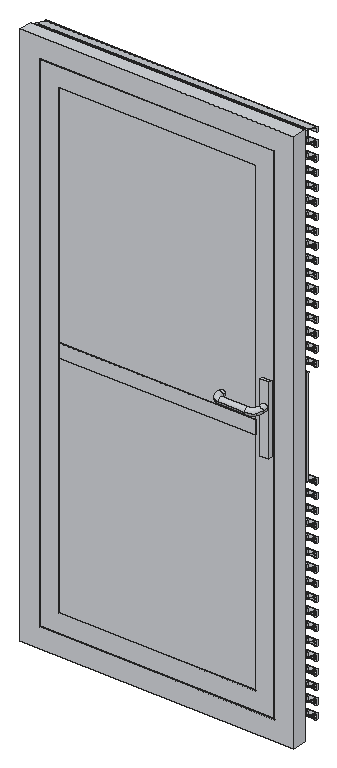
Revit family "NLRS_31_DO_WB_HF58-45 enkele deur-AV_jazo_jazo", category Doors, host Wall, Revit 2020 (continued)
Definition of nested family "NLRS_31_GM_UN_aluminium planken opbouwroosters-AV"
  Definition of nested family "NLRS_31_GM_UN_tussenplank 100-AV"
    Dimensions and locks
      equal spacing: plane 4 "Left", plane 3 "Center (Left/Right)", plane 5 "Right"
      "NLRS_C_breedte": plane 4 "Left" to plane 5 "Right"
      "NLRS_C_hoogte": plane 6 "Top" to plane 2 "Bottom"
      aligned and locked: level to plane 2 "Bottom"
      aligned and locked: plane 6 "Top" to Extrusion 1
      aligned and locked: Extrusion 1 to level
    Automatic sketch dimensions
      Extrusion 1 sketch curve to plane 4 "Left" = 0 mm  (x2)
      Extrusion 1 sketch curve to plane 5 "Right" = 0 mm
      Extrusion 1 sketch curve to plane 4 "Left" = 3.247 mm  (x2)
      Extrusion 1 sketch curve to plane 4 "Left" = 5.485 mm
      Extrusion 1 sketch curve to Extrusion 1 sketch curve = 4.753 mm
      Extrusion 1 sketch curve to Extrusion 1 sketch curve = 8.2 mm  (x2)
      Extrusion 1 sketch curve to Extrusion 1 sketch curve = 2 mm  (x6)
      plane 5 "Right" to Extrusion 1 sketch curve = 7.485 mm  (x2)
      plane 5 "Right" to Extrusion 1 sketch curve = 2.7 mm
      Extrusion 1 sketch curve to Extrusion 1 sketch curve = 0.62 mm  (x2)
      plane 1 "Center (Front/Back)" to Extrusion 1 sketch curve = 15.008 mm
      plane 1 "Center (Front/Back)" to Extrusion 1 sketch curve = 13.008 mm
      Extrusion 1 sketch curve to Extrusion 1 sketch curve = 0 mm  (x3)
      Extrusion 1 sketch curve to Extrusion 1 sketch curve = 2.5 mm  (x2)
      Extrusion 1 sketch curve to Extrusion 1 sketch curve = 2.25 mm
      Extrusion 1 sketch curve to Extrusion 1 sketch curve = 5.721 mm
      Extrusion 1 sketch curve to Extrusion 1 sketch curve = 3.565 mm
      Extrusion 1 sketch curve to plane 1 "Center (Front/Back)" = 7.192 mm
      Extrusion 1 sketch curve to plane 1 "Center (Front/Back)" = 7.287 mm
      Extrusion 1 sketch curve to plane 1 "Center (Front/Back)" = 10.492 mm
      Extrusion 1 sketch curve to Extrusion 1 sketch curve = 3.55 mm
      Extrusion 1 sketch curve to Extrusion 1 sketch curve = 1.75 mm
      Extrusion 1 sketch curve to Extrusion 1 sketch curve = 0.5 mm
  Definition of nested family "NLRS_31_GM_UN_tussenplank 100 horziontaal-AV"
    Parameters (values of type "tussenplank 100mm horzitontaal boven")
      URL = "www.jazo.com"
      NLRS_C_zichtbaar_02 = yes
      NLRS_C_zichtbaar_01 = no
      NLRS_C_materiaal = none
      NLRS_C_hoogte = 105 mm  # constant formula
      NLRS_C_breedte = 1153 mm
      Model = ""
      Manufacturer = "Jazo Zevenaar bv"
      Description = "Aluminium tussenplank 100mm horzitontaal boven"
      Default Elevation = 0 mm
      Assembly Code = "23.30.10.11"
    Types (2, lengths in mm): name | NLRS_C_zichtbaar_02 | NLRS_C_zichtbaar_01 | Description
      tussenplank 100mm horzitontaal boven | yes | no | "Aluminium tussenplank 100mm horzitontaal boven"
      tussenplank 100mm horzitontaal onder | no | yes | "Aluminium tussenplank 100mm horzitontaal onder"
    Reference planes
      plane 1 "Center (Front/Back)": y = 0
      plane 2 "Bottom": z = 0
      plane 3 "Center (Left/Right)": x = 0
      plane 4 "Left": x = -576.5
      plane 5 "Right": x = 576.5
      plane 6 "Top": z = 105
    Forms (mm)
      Extrusion 1, solid, material <- "NLRS_C_materiaal", visible <- "NLRS_C_zichtbaar_01"
        sketch origin (0, 0, 0) x (0, 1, 0) y (0, 0, 1)
          loop
            line (14.992, 99.515) -> (12.492, 99.515) -> (12.492, 102.92) -> (7.192, 105) -> (-7.192, 105) -> (-12.508, 102.92) -> (-12.508, 99.515) -> (-15.008, 99.515) -> (-15.008, 0) -> (-13.008, 0) -> (-13.008, 3.247) -> (-7.287, 5.485) -> (7.287, 5.485) -> (12.992, 3.247) -> (12.992, 0) -> (14.992, 0) -> (14.992, 99.515)
          loop
            line (-13.008, 8) -> (12.992, 8) -> (12.992, 16.2) -> (10.492, 16.2) -> (10.492, 18.2) -> (12.992, 18.2) -> (12.992, 97.515) -> (10.742, 97.515) -> (10.742, 102.3) -> (-10.758, 102.3) -> (-10.758, 97.515) -> (-13.008, 97.515) -> (-13.008, 18.2) -> (-10.508, 18.2) -> (-10.508, 16.2) -> (-13.008, 16.2) -> (-13.008, 8)
        from -576.5 to 576.5
      Extrusion 2, solid, material <- "NLRS_C_materiaal", visible <- "NLRS_C_zichtbaar_02"
        sketch origin (0, -0.008, 105) x (0, -1, 0) y (0, 0, -1)
          loop
            line (14.992, 99.515) -> (12.492, 99.515) -> (12.492, 102.92) -> (7.192, 105) -> (-7.192, 105) -> (-12.508, 102.92) -> (-12.508, 99.515) -> (-15.008, 99.515) -> (-15.008, 0) -> (-13.008, 0) -> (-13.008, 3.247) -> (-7.287, 5.485) -> (7.287, 5.485) -> (12.992, 3.247) -> (12.992, 0) -> (14.992, 0) -> (14.992, 99.515)
          loop
            line (-13.008, 8) -> (12.992, 8) -> (12.992, 16.2) -> (10.492, 16.2) -> (10.492, 18.2) -> (12.992, 18.2) -> (12.992, 97.515) -> (10.742, 97.515) -> (10.742, 102.3) -> (-10.758, 102.3) -> (-10.758, 97.515) -> (-13.008, 97.515) -> (-13.008, 18.2) -> (-10.508, 18.2) -> (-10.508, 16.2) -> (-13.008, 16.2) -> (-13.008, 8)
        from -576.5 to 576.5
    Dimensions and locks
      equal spacing: plane 4 "Left", plane 3 "Center (Left/Right)", plane 5 "Right"
      "NLRS_C_breedte": plane 4 "Left" to plane 5 "Right"
      "NLRS_C_hoogte": plane 6 "Top" to plane 2 "Bottom"
      aligned and locked: level to plane 2 "Bottom"
      aligned and locked: plane 4 "Left" to Extrusion 1
      aligned and locked: Extrusion 1 to plane 5 "Right"
      aligned and locked: plane 4 "Left" to Extrusion 2
      aligned and locked: Extrusion 2 to plane 5 "Right"
    Automatic sketch dimensions
      plane 1 "Center (Front/Back)" to Extrusion 1 sketch curve = 15.008 mm
      Extrusion 1 sketch curve to Extrusion 1 sketch curve = 2 mm  (x5)
      level to Extrusion 1 sketch curve = 18.2 mm
      Extrusion 1 sketch curve to Extrusion 1 sketch curve = 0 mm  (x5)
      Extrusion 1 sketch curve to Extrusion 1 sketch curve = 2.5 mm  (x2)
      Extrusion 1 sketch curve to Extrusion 1 sketch curve = 2.25 mm
      Extrusion 1 sketch curve to Extrusion 1 sketch curve = 5.721 mm
      Extrusion 1 sketch curve to Extrusion 1 sketch curve = 3.565 mm
      Extrusion 1 sketch curve to Extrusion 1 sketch curve = 14.385 mm
      Extrusion 1 sketch curve to Extrusion 1 sketch curve = 14.574 mm
      level to Extrusion 1 sketch curve = 16.2 mm  (x2)
      Extrusion 1 sketch curve to Extrusion 1 sketch curve = 3.205 mm
      Extrusion 1 sketch curve to Extrusion 1 sketch curve = 3.55 mm
      Extrusion 1 sketch curve to Extrusion 1 sketch curve = 1.75 mm
      Extrusion 1 sketch curve to Extrusion 1 sketch curve = 0.5 mm
      level to Extrusion 1 sketch curve = 3.247 mm  (x2)
      Extrusion 1 sketch curve to Extrusion 1 sketch curve = 3.247 mm  (x2)
      Extrusion 1 sketch curve to Extrusion 1 sketch curve = 2.239 mm
      Extrusion 1 sketch curve to Extrusion 1 sketch curve = 4.753 mm
      Extrusion 1 sketch curve to Extrusion 1 sketch curve = 79.315 mm
      Extrusion 1 sketch curve to Extrusion 1 sketch curve = 2.785 mm
      Extrusion 1 sketch curve to Extrusion 1 sketch curve = 0.62 mm  (x2)
      Extrusion 1 sketch curve to Extrusion 1 sketch curve = 2.7 mm
      Extrusion 2 sketch curve to plane 6 "Top" = 0 mm  (x2)
      Extrusion 2 sketch curve to level = 0 mm
      level to Extrusion 2 sketch curve = 5.485 mm
      Extrusion 2 sketch curve to plane 1 "Center (Front/Back)" = 15 mm
      Extrusion 2 sketch curve to Extrusion 2 sketch curve = 2 mm  (x6)
      Extrusion 2 sketch curve to Extrusion 2 sketch curve = 0 mm  (x4)
      level to Extrusion 2 sketch curve = 2.08 mm  (x2)
      Extrusion 2 sketch curve to Extrusion 2 sketch curve = 2.5 mm  (x2)
      Extrusion 2 sketch curve to Extrusion 2 sketch curve = 2.25 mm
      Extrusion 2 sketch curve to Extrusion 2 sketch curve = 5.721 mm
      Extrusion 2 sketch curve to Extrusion 2 sketch curve = 3.565 mm
      Extrusion 2 sketch curve to Extrusion 2 sketch curve = 14.385 mm
      Extrusion 2 sketch curve to plane 6 "Top" = 5.485 mm
      Extrusion 2 sketch curve to Extrusion 2 sketch curve = 14.574 mm
      Extrusion 2 sketch curve to Extrusion 2 sketch curve = 3.205 mm
      Extrusion 2 sketch curve to Extrusion 2 sketch curve = 3.55 mm
      Extrusion 2 sketch curve to Extrusion 2 sketch curve = 1.75 mm
      Extrusion 2 sketch curve to Extrusion 2 sketch curve = 0.5 mm
      Extrusion 2 sketch curve to plane 6 "Top" = 3.247 mm
      Extrusion 2 sketch curve to Extrusion 2 sketch curve = 3.247 mm
      Extrusion 2 sketch curve to Extrusion 2 sketch curve = 4.753 mm
      Extrusion 2 sketch curve to Extrusion 2 sketch curve = 8.2 mm  (x2)
      Extrusion 2 sketch curve to Extrusion 2 sketch curve = 5.406 mm
      Extrusion 2 sketch curve to Extrusion 2 sketch curve = 0.62 mm
  Definition of nested family "NLRS_31_GM_UN_tussenplank 200 horizontaal-AV"
    Parameters (values of type "tussenplank 200mm")
      URL = "www.jazo.com"
      NLRS_C_zichtbaar_01 [instance] = yes
      NLRS_C_materiaal = none
      NLRS_C_hoogte = 205 mm  # constant formula
      NLRS_C_breedte = 1027 mm
      Model = ""
      Manufacturer = "Jazo Zevenaar bv"
      Description = "Aluminium tussenplank 200mm"
      Default Elevation = 0 mm
      Assembly Code = "23.30.10.11"
    Reference planes
      plane 1 "Center (Front/Back)": y = 0
      plane 2 "Bottom": z = 0
      plane 3 "Center (Left/Right)": x = 0
      plane 4 "Top": z = 205
      plane 5 "Left": x = -513.5
      plane 6 "Right": x = 513.5
      plane 7 "Center (Elevation)": z = 102.5
    Forms (mm)
      Extrusion 1, solid, material <- "NLRS_C_materiaal"
        sketch origin (0, 0, 0) x (0, 1, 0) y (0, 0, 1)
          loop
            line (14.992, 101.796) -> (14.284, 102.504) -> (14.992, 103.212) -> (14.992, 199.515) -> (12.492, 199.515) -> (12.492, 202.92) -> (7.192, 205) -> (-7.192, 205) -> (-12.508, 202.92) -> (-12.508, 199.515) -> (-15.008, 199.515) -> (-15.008, 103.207) -> (-14.301, 102.5) -> (-15.008, 101.793) -> (-15.008, 0) -> (-13.008, 0) -> (-13.008, 3.21) -> (-7.192, 5.485) -> (7.192, 5.485) -> (12.992, 3.21) -> (12.992, 0) -> (14.992, 0) -> (14.992, 101.796)
          loop
            line (-13.008, 8) -> (12.992, 8) -> (12.992, 16.2) -> (10.492, 16.2) -> (10.492, 18.2) -> (12.992, 18.2) -> (12.992, 103.907) -> (-13.008, 103.907) -> (-13.008, 18.2) -> (-10.508, 18.2) -> (-10.508, 16.2) -> (-13.008, 16.2) -> (-13.008, 8)
          loop
            line (-13.008, 105.907) -> (12.992, 105.907) -> (12.992, 197.515) -> (10.742, 197.515) -> (10.742, 202.3) -> (-10.758, 202.3) -> (-10.758, 197.515) -> (-13.008, 197.515) -> (-13.008, 105.907)
        from -513.5 to 513.5
    Dimensions and locks
      equal spacing: plane 5 "Left", plane 3 "Center (Left/Right)", plane 6 "Right"
      "NLRS_C_breedte": plane 5 "Left" to plane 6 "Right"
      "NLRS_C_hoogte": plane 4 "Top" to plane 2 "Bottom"
      equal spacing: plane 4 "Top", plane 7 "Center (Elevation)", level
      aligned and locked: level to plane 2 "Bottom"
      aligned and locked: plane 5 "Left" to Extrusion 1
      aligned and locked: Extrusion 1 to plane 6 "Right"
    Automatic sketch dimensions
      plane 1 "Center (Front/Back)" to Extrusion 1 sketch curve = 15.008 mm
      Extrusion 1 sketch curve to Extrusion 1 sketch curve = 0 mm  (x5)
      Extrusion 1 sketch curve to Extrusion 1 sketch curve = 0.707 mm  (x2)
      Extrusion 1 sketch curve to Extrusion 1 sketch curve = 2 mm  (x8)
      Extrusion 1 sketch curve to Extrusion 1 sketch curve = 1.293 mm
      Extrusion 1 sketch curve to Extrusion 1 sketch curve = 2.5 mm  (x2)
      Extrusion 1 sketch curve to Extrusion 1 sketch curve = 1.75 mm  (x2)
      Extrusion 1 sketch curve to Extrusion 1 sketch curve = 3.565 mm
      Extrusion 1 sketch curve to Extrusion 1 sketch curve = 5.815 mm
      Extrusion 1 sketch curve to Extrusion 1 sketch curve = 14.385 mm  (x2)
      level to Extrusion 1 sketch curve = 18.2 mm  (x2)
      Extrusion 1 sketch curve to Extrusion 1 sketch curve = 3.3 mm
      Extrusion 1 sketch curve to Extrusion 1 sketch curve = 3.55 mm
      Extrusion 1 sketch curve to Extrusion 1 sketch curve = 5.8 mm
      Extrusion 1 sketch curve to Extrusion 1 sketch curve = 1.292 mm
      Extrusion 1 sketch curve to Extrusion 1 sketch curve = 0.708 mm  (x3)
      Extrusion 1 sketch curve to Extrusion 1 sketch curve = 8.2 mm
      Extrusion 1 sketch curve to Extrusion 1 sketch curve = 2.515 mm
      Extrusion 1 sketch curve to Extrusion 1 sketch curve = 4.79 mm  (x2)
      Extrusion 1 sketch curve to Extrusion 1 sketch curve = 3.21 mm  (x2)
      level to Extrusion 1 sketch curve = 101.793 mm
      Extrusion 1 sketch curve to Extrusion 1 sketch curve = 0.003 mm
      Extrusion 1 sketch curve to Extrusion 1 sketch curve = 1.407 mm
      Extrusion 1 sketch curve to Extrusion 1 sketch curve = 91.607 mm
      Extrusion 1 sketch curve to Extrusion 1 sketch curve = 2.785 mm
      Extrusion 1 sketch curve to Extrusion 1 sketch curve = 0.62 mm  (x2)
      Extrusion 1 sketch curve to Extrusion 1 sketch curve = 2.7 mm
Definition of nested family "NLRS_31_DI_UN_markering"
  Parameters (values of type "NLRS_C_31_DI_markering")
    URL = "www.jazo.com"
    NLRS_C_zichtbaar_01 = if(or(NLRS_C_brandwerend, NLRS_C_zelfsluitend), 1 < 2, 2 < 1)  # no
    NLRS_C_zelfsluitend = no
    NLRS_C_brandwerend = no
    Manufacturer = "JAZO Zevenaar bv"
    Description = "Markering detail"
  Reference planes
    plane 1 "Center (Front/Back)": y = 0
    plane 2: z = 0
    plane 3 "Center (Left/Right)": x = 0
    plane 4 "voorkant kozijn": y = 30
    plane 5 "achterkant kozijn": y = -30
    plane 6 "Right": x = 20
    plane 7 "Left": x = -20
    plane 8 "offset left": x = -25
    plane 9 "offset right": x = 25
    plane 10 "achterkant": y = -129.538
    plane 11 "voorkant": y = 129.538
  Lines and regions (mm)
    detail lines, in view "Ref. Level", visible <- "NLRS_C_zichtbaar_01"
      curve 1: line (0, -129.538, 0) -> (0, 129.538, 0)
    detail lines, in view "Ref. Level", visible <- "NLRS_C_brandwerend"
      curve 2: line (-20, -129.538, 0) -> (20, -101.53, 0)
      curve 3: line (20, -129.538, 0) -> (-20, -101.53, 0)
      curve 4: line (-20, -101.53, 0) -> (20, -73.522, 0)
      curve 5: line (20, -101.53, 0) -> (-20, -73.522, 0)
      curve 6: line (-20, 129.538, 0) -> (20, 101.53, 0)
      curve 7: line (20, 129.538, 0) -> (-20, 101.53, 0)
      curve 8: line (-20, 101.53, 0) -> (20, 73.522, 0)
      curve 9: line (20, 101.53, 0) -> (-20, 73.522, 0)
    detail lines, in view "Ref. Level", visible <- "NLRS_C_zelfsluitend"
      curve 10: line (-25, -70.021, 0) -> (25, -35.01, 0)
      curve 11: line (25, -35.01, 0) -> (-25, 0, 0)
      curve 12: line (-25, 0, 0) -> (25, 35.01, 0)
      curve 13: line (25, 35.01, 0) -> (-25, 70.021, 0)
  Dimensions and locks
    equal spacing: plane 5 "achterkant kozijn", plane 1 "Center (Front/Back)", plane 4 "voorkant kozijn"
    equal spacing: plane 7 "Left", plane 3 "Center (Left/Right)", plane 6 "Right"
    locked: plane 7 "Left" to plane 6 "Right" at 40
    locked: plane 8 "offset left" to plane 7 "Left" at 5
    locked: plane 6 "Right" to plane 9 "offset right" at 5
    equal spacing: plane 11 "voorkant", plane 1 "Center (Front/Back)", plane 10 "achterkant"
    locked: plane 11 "voorkant" to plane 10 "achterkant" at 259.077
    locked: plane 5 "achterkant kozijn" to plane 4 "voorkant kozijn" at 60
    aligned and locked: plane 3 "Center (Left/Right)" to curve 1
  Automatic sketch dimensions
    curve 12 to plane 8 "offset left" = 0 mm
    curve 10 to plane 8 "offset left" = 0 mm
    curve 13 to plane 8 "offset left" = 0 mm
    curve 3 to plane 7 "Left" = 0 mm
    curve 8 to plane 7 "Left" = 0 mm
    curve 9 to plane 7 "Left" = 0 mm
    curve 5 to plane 7 "Left" = 0 mm
    curve 6 to plane 7 "Left" = 0 mm
    curve 8 to plane 6 "Right" = 0 mm
    curve 9 to plane 6 "Right" = 0 mm
    curve 7 to plane 6 "Right" = 0 mm
    curve 2 to plane 6 "Right" = 0 mm
    curve 3 to plane 6 "Right" = 0 mm
    curve 4 to plane 6 "Right" = 0 mm
    curve 13 to plane 9 "offset right" = 0 mm
    curve 11 to plane 9 "offset right" = 0 mm
    plane 5 "achterkant kozijn" to curve 3 = 71.53 mm
    curve 3 to curve 2 = 0 mm
    plane 5 "achterkant kozijn" to curve 10 = 5.01 mm
    plane 1 "Center (Front/Back)" to curve 12 = 0 mm
    curve 12 to plane 4 "voorkant kozijn" = 5.01 mm
    curve 12 to curve 6 = 66.52 mm
    curve 7 to curve 6 = 0 mm
    curve 3 to curve 2 = 28.008 mm
    curve 2 to curve 4 = 28.008 mm
    curve 3 to curve 5 = 28.008 mm
    curve 5 to curve 10 = 3.501 mm
    curve 13 to curve 7 = 31.509 mm
    curve 8 to curve 6 = 28.008 mm
    curve 13 to curve 9 = 3.501 mm
    curve 7 to curve 1 = 28.008 mm
    curve 6 to curve 1 = 0 mm
    curve 1 to curve 7 = 0 mm
    curve 2 to plane 7 "Left" = 0 mm
    curve 2 to curve 3 = 28.008 mm
    curve 1 to curve 3 = 0 mm
Definition of nested family "NLRS_31_GA_UN_error message"
  Parameters (values of type "NLRS_31_GA_UN_error mesage")
    NLRS_C_zichtbaar_10 = if(NLRS_C_zichtbaar_01, 1 < 2, if(NLRS_C_zichtbaar_02, 1 < 2, if(NLRS_C_zichtbaar_03, 1 < 2, if(NLRS_C_zichtbaar_04, 1 < 2, if(NLRS_C_zichtbaar_05, 1 < 2, 2 < 1)))))  # yes
    NLRS_C_zichtbaar_05 = if(and(JAZO_C_aluminium kozijn, NLRS_C_brandwerend), 1 < 2, 2 < 1)  # yes
    NLRS_C_zichtbaar_04 = if(NLRS_C_breedte < NLRS_C_breedte_min, 1 < 2, 2 < 1)  # no
    NLRS_C_zichtbaar_03 = if(NLRS_C_breedte > NLRS_C_breedte_max, 1 < 2, 2 < 1)  # no
    NLRS_C_zichtbaar_02 = if(NLRS_C_hoogte < NLRS_C_hoogte_min, 1 < 2, 2 < 1)  # no
    NLRS_C_zichtbaar_01 = if(NLRS_C_hoogte > NLRS_C_hoogte_max, 1 < 2, 2 < 1)  # no
    NLRS_C_hoogte_min = 1850 mm
    NLRS_C_hoogte_max = 2645 mm
    NLRS_C_hoogte = 2500 mm
    NLRS_C_breedte_min = 850 mm
    NLRS_C_breedte_max = 1661 mm
    NLRS_C_breedte = 1000 mm
    NLRS_C_brandwerend = yes
    JAZO_C_aluminium kozijn = yes
  Reference planes
    plane 1: y = 0
    plane 2: x = 0
  Lines and regions (mm)
    Filled region 1, type "Zwart", not visible
      outline origin (253.64, 140.595, 0) x (1, 0, 0) y (0, 1, 0)
        loop
          line (134.592, 287.146) -> (41.891, 131.062)
          arc (41.891, 131.062) -> (41.863, 128.047) -> (44.47, 126.53) r 3
          line (44.47, 126.53) -> (229.873, 126.53)
          arc (229.873, 126.53) -> (232.48, 128.047) -> (232.452, 131.062) r 3
          line (232.452, 131.062) -> (139.751, 287.146)
          arc (139.751, 287.146) -> (137.171, 288.614) -> (134.592, 287.146) r 3
        loop
          line (62.04, 139.53) -> (212.303, 139.53) -> (137.171, 266.031) -> (62.04, 139.53)
    Filled region 2, type "Geel", not visible
      outline origin (253.64, 140.595, 0) x (1, 0, 0) y (0, 1, 0)
        loop
          line (62.04, 139.53) -> (212.303, 139.53) -> (137.171, 266.031) -> (62.04, 139.53)
    Filled region 3, type "Zwart", not visible
      outline origin (253.64, 140.595, 0) x (1, 0, 0) y (0, 1, 0)
        loop
          line (127.78, 234.406) -> (132.476, 171.156) -> (141.867, 171.156) -> (146.563, 234.406) -> (127.78, 234.406)
        loop
          circle (137.171, 160.994) r 7.044
    Filled region 4, type "Rood 2", visible <- "NLRS_C_zichtbaar_10"
      outline origin (0, 0, 0) x (1, 0, 0) y (0, 1, 0)
        loop
          line (-50, 14) -> (-50, -14) -> (50, -14) -> (50, 14) -> (-50, 14)
  Text (mm)
    text "Error: Height > Max Height" at (-1.89, -0.035, 0), visible <- "NLRS_C_zichtbaar_01"
    text "Error: Height < Min Height" at (-1.89, -0.035, 0), visible <- "NLRS_C_zichtbaar_02"
    text "Error: Width > Max Width" at (-1.89, -6.035, 0), visible <- "NLRS_C_zichtbaar_03"
    text "Error: Width < Min Width" at (-1.89, -6.035, 0), visible <- "NLRS_C_zichtbaar_04"
    text "Error: Aluminium kozijn ≠ brandwerend" at (-1.89, 5.965, 0), visible <- "NLRS_C_zichtbaar_05"
  Dimensions and locks
    equal spacing: Filled region 4 sketch curve, plane 1, Filled region 4 sketch curve
    Filled region 4 sketch curve to Filled region 4 sketch curve = 28 mm
    plane 1 to Filled region 4 sketch curve = 14 mm
    equal spacing: Filled region 4 sketch curve, plane 2, Filled region 4 sketch curve
    Filled region 4 sketch curve to plane 2 = 50 mm
Definition of nested family "NLRS_31_DI_UN_beslagbak detail HS42R HJ44"
  Parameters (values of type "beslagbak detail HS42R HJ44")
    URL = "www.jazo.com"
    Manufacturer = "JAZO Zevenaar bv"
    JAZO_C_opbouwrooster HS42R = yes
    JAZO_C_forster presto kozijn = yes
    JAZO_C_aluminium kozijn = no
    Description = "beslagbak detail HS42R HJ44"
  Reference planes
    plane 1 "Center (Front/Back)": y = 0
    plane 2: z = 0
    plane 3 "Center (Left/Right)": x = 0
    plane 4 "offset rechts": x = 99
    plane 5 "alu": y = -91
    plane 6 "st": y = -111
  Lines and regions (mm)
    Filled region 1, type "Solid Fill - White", in view "Ref. Level", visible <- "JAZO_C_aluminium kozijn"
      outline origin (0, 21.5, 0) x (1, 0, 0) y (0, 1, 0)
        loop
          line (11, -124.5) -> (16, -124.5) -> (16, -112.5) -> (-16, -112.5) -> (-16, -124.5) -> (-11, -124.5) -> (-11, -146.5)
          arc (-11, -146.5) -> (-15.027, -156.222) -> (-24.749, -160.249) r 13.749
          line (-24.749, -160.249) -> (-120.749, -160.249)
          arc (-120.749, -160.249) -> (-130.471, -156.222) -> (-134.497, -146.5) r 13.749
          line (-134.497, -146.5) -> (-134.497, -135.5) -> (-156.497, -135.5) -> (-156.497, -146.5)
          arc (-156.497, -146.5) -> (-146.027, -171.778) -> (-120.749, -182.249) r 35.749
          line (-120.749, -182.249) -> (-24.749, -182.249)
          arc (-24.749, -182.249) -> (0.529, -171.778) -> (11, -146.5) r 35.749
          line (11, -146.5) -> (11, -124.5)
    Filled region 2, type "Solid Fill - White", in view "Ref. Level", visible <- "JAZO_C_forster presto kozijn"
      outline origin (0, 1.5, 0) x (1, 0, 0) y (0, 1, 0)
        loop
          line (11, -124.5) -> (16, -124.5) -> (16, -112.5) -> (-16, -112.5) -> (-16, -124.5) -> (-11, -124.5) -> (-11, -146.5)
          arc (-11, -146.5) -> (-15.027, -156.222) -> (-24.749, -160.249) r 13.749
          line (-24.749, -160.249) -> (-120.749, -160.249)
          arc (-120.749, -160.249) -> (-130.471, -156.222) -> (-134.497, -146.5) r 13.749
          line (-134.497, -146.5) -> (-134.497, -135.5) -> (-156.497, -135.5) -> (-156.497, -146.5)
          arc (-156.497, -146.5) -> (-146.027, -171.778) -> (-120.749, -182.249) r 35.749
          line (-120.749, -182.249) -> (-24.749, -182.249)
          arc (-24.749, -182.249) -> (0.529, -171.778) -> (11, -146.5) r 35.749
          line (11, -146.5) -> (11, -124.5)
    Filled region 3, type "Solid Fill - White", in view "Ref. Level", visible <- "JAZO_C_opbouwrooster HS42R"
      outline origin (0, 21.5, 0) x (1, 0, 0) y (0, 1, 0)
        loop
          line (-25, -25.5) -> (-11, -25.5) -> (-11, -55.5) -> (-16, -55.5) -> (-16, -67.5) -> (16, -67.5) -> (16, -55.5) -> (11, -55.5) -> (11, -25.5) -> (25, -25.5) -> (25, -9.5) -> (-25, -9.5) -> (-25, -25.5)
    Filled region 4, type "Solid Fill - White", in view "Ref. Level", visible <- "JAZO_C_opbouwrooster HS42R"
      outline origin (0, 21.5, 0) x (1, 0, 0) y (0, 1, 0)
        loop
          line (95, -21.5) -> (93, -21.5) -> (93, -67.5) -> (-207.786, -67.5)
          arc (-207.786, -67.5) -> (-210.766, -68.734) -> (-212, -71.714) r 4.214
          line (-212, -71.714) -> (-212, -78.7) -> (-238, -78.7) -> (-238, -23.8) -> (-240, -23.8) -> (-240, -78.7)
          arc (-240, -78.7) -> (-239.414, -80.114) -> (-238, -80.7) r 2
          line (-238, -80.7) -> (-212, -80.7)
          arc (-212, -80.7) -> (-210.586, -80.114) -> (-210, -78.7) r 2
          line (-210, -78.7) -> (-210, -71.714)
          arc (-210, -71.714) -> (-209.41, -70.29) -> (-207.986, -69.7) r 2.014
          line (-207.986, -69.7) -> (95, -69.7) -> (95, -21.5)
    detail lines, in view "Ref. Level", visible <- "JAZO_C_aluminium kozijn"
      curve 1: line (-16, -103, 0) -> (16, -103, 0)
    detail lines, in view "Ref. Level", visible <- "JAZO_C_forster presto kozijn"
      curve 2: line (-16, -123, 0) -> (16, -123, 0)
    detail lines, in view "Ref. Level", visible <- "JAZO_C_opbouwrooster HS42R"
      curve 3: line (-11, -4, 0) -> (11, -4, 0)
      curve 4: line (-11, -34, 0) -> (11, -34, 0)
  Dimensions and locks
    locked: plane 3 "Center (Left/Right)" to plane 4 "offset rechts" at 99
    locked: plane 5 "alu" to plane 1 "Center (Front/Back)" at 91
    locked: plane 5 "alu" to plane 6 "st" at 20
Definition of nested family "NLRS_31_DI_UN_scharnier detail HS42R HJ44"
  Parameters (values of type "scharnier detail HS42R HJ44")
    URL = "www.jazo.com"
    Manufacturer = "JAZO Zevenaar bv"
    JAZO_C_forster presto kozijn = yes
    JAZO_C_aluminium kozijn = no
    Description = "scharnier detail HS42R HJ44"
  Reference planes
    plane 1 "Center (Front/Back)": y = 0
    plane 2: z = 0
    plane 3 "Center (Left/Right)": x = 0
    plane 4 "offset": x = 20
  Lines and regions (mm)
    Filled region 1, type "Solid Fill - White", in view "Ref. Level", visible <- "JAZO_C_forster presto kozijn"
      outline origin (0, 0, 0) x (1, 0, 0) y (0, 1, 0)
        loop
          line (95, 0) -> (95, 6)
          arc (95, 6) -> (93.536, 9.536) -> (90, 11) r 5
          line (90, 11) -> (33, 11)
          arc (33, 11) -> (27.343, 13.343) -> (25, 19) r 8
          line (25, 19) -> (25, 44.5) -> (15, 44.5) -> (15, 6) -> (19, 2) -> (44.5, 2) -> (44.5, 0) -> (95, 0)
        loop
          line (15.5, 49.5) -> (24.5, 49.5) -> (24.5, 58.5) -> (15.5, 58.5) -> (15.5, 49.5)
    Filled region 2, type "Solid Fill - White", in view "Ref. Level", visible <- "JAZO_C_forster presto kozijn"
      outline origin (0, -20, 0) x (1, 0, 0) y (0, 1, 0)
        loop
          circle (20, 74) r 9.5
    Filled region 3, type "Solid Fill - White", in view "Ref. Level", visible <- "JAZO_C_aluminium kozijn"
      outline origin (20.01, 61.5, 0) x (1, 0, 0) y (0, 1, 0)
        loop
          arc (-4, -61.5) -> (-3.293, -61.207) -> (-3, -60.5) r 1
          line (-3, -60.5) -> (-3, -12.49)
          arc (-3, -12.49) -> (-2.247, -10.702) -> (-0.442, -9.991) r 2.5
          arc (-0.442, -9.991) -> (1.661, -9.859) -> (3.69, -9.29) r 10
          arc (3.69, -9.29) -> (6.549, -9.038) -> (9.076, -10.4) r 5
          line (9.076, -10.4) -> (12.99, -14.314) -> (12.99, -60.5)
          arc (12.99, -60.5) -> (13.283, -61.207) -> (13.99, -61.5) r 1
          line (13.99, -61.5) -> (19.99, -61.5)
          arc (19.99, -61.5) -> (20.697, -61.207) -> (20.99, -60.5) r 1
          line (20.99, -60.5) -> (20.99, -11) -> (9.99, 0)
          arc (9.99, 0) -> (-1.629, 9.868) -> (-9.486, -3.195) r 10
          arc (-9.486, -3.195) -> (-9.518, -3.668) -> (-9.764, -4.074) r 1
          line (-9.764, -4.074) -> (-13, -7.31) -> (-13, -60.5)
          arc (-13, -60.5) -> (-12.707, -61.207) -> (-12, -61.5) r 1
          line (-12, -61.5) -> (-4, -61.5)
    detail lines, in view "Ref. Level", visible <- "JAZO_C_forster presto kozijn"
      curve 1: arc (11, 54, 0) -> (20, 45, 0) -> (29, 54, 0) r 9
      curve 2: arc (11.5, 54, 0) -> (20, 45.5, 0) -> (28.5, 54, 0) r 8.5
      curve 3: arc (28.5, 54, 0) -> (20, 62.5, 0) -> (11.5, 54, 0) r 8.5
      curve 4: arc (29, 54, 0) -> (20, 63, 0) -> (11, 54, 0) r 9
    detail lines, in view "Ref. Level", visible <- "JAZO_C_aluminium kozijn"
      curve 5: arc (10.524, 58.305, 0) -> (14.168, 53.376, 0) -> (20.004, 51.5, 0) r 10
      curve 6: arc (23.526, 52.137, 0) -> (28.23, 55.798, 0) -> (30.015, 61.485, 0) r 10
  Dimensions and locks
    locked: plane 3 "Center (Left/Right)" to plane 4 "offset" at 20
Definition of nested family "NLRS_31_GM_UN_scharnier aluminium HS42R HJ44-AV"
  Parameters (values of type "scharnier aluminium HS42R HJ44")
    URL = "www.jazo.com"
    NLRS_C_materiaal = none
    Model = ""
    Manufacturer = "JAZO Zevenaar bv"
    JAZO_C_aluminium kozijn = no
    Description = "scharnier aluminium HS42R HJ44"
    Default Elevation = 0 mm
    Assembly Code = "23.30.40.24.11"
  Reference planes
    plane 1 "Center (Front/Back)": y = 0
    plane 2 "Bottom": z = 0
    plane 3 "Center (Left/Right)": x = 0
    plane 4 "voorkant kozijn": y = -61.5
    plane 5 "Top": z = 180
    plane 6 "Left": x = -20
  Forms (mm)
    Extrusion 1, solid, material <- "NLRS_C_materiaal", visible <- "JAZO_C_aluminium kozijn"
      sketch origin (-333.442, 147.952, 0) x (0, -1, 0) y (1, 0, 0)
        loop
          arc (157.242, 337.147) -> (138.898, 337.692) -> (151.05, 323.939) r 10
          arc (151.05, 323.939) -> (151.573, 323.943) -> (152.026, 323.683) r 1
          line (152.026, 323.683) -> (155.262, 320.447) -> (208.452, 320.447)
          arc (208.452, 320.447) -> (209.159, 320.74) -> (209.452, 321.447) r 1
          line (209.452, 321.447) -> (209.452, 329.447)
          arc (209.452, 329.447) -> (209.159, 330.154) -> (208.452, 330.447) r 1
          line (208.452, 330.447) -> (160.442, 330.447)
          arc (160.442, 330.447) -> (158.639, 331.215) -> (157.944, 333.047) r 2.5
          arc (157.944, 333.047) -> (157.809, 335.134) -> (157.242, 337.147) r 10
      from 52.5 to 127.5
    Extrusion 2, solid, material <- "NLRS_C_materiaal", visible <- "JAZO_C_aluminium kozijn"
      sketch origin (-333.449, 147.952, 0) x (0, -1, 0) y (1, 0, 0)
        loop
          arc (147.952, 343.447) -> (142.34, 325.17) -> (157.242, 337.147) r 10
          arc (157.242, 337.147) -> (156.99, 340.006) -> (158.352, 342.533) r 5
          line (158.352, 342.533) -> (162.266, 346.447) -> (208.452, 346.447)
          arc (208.452, 346.447) -> (209.159, 346.74) -> (209.452, 347.447) r 1
          line (209.452, 347.447) -> (209.452, 353.447)
          arc (209.452, 353.447) -> (209.159, 354.154) -> (208.452, 354.447) r 1
          line (208.452, 354.447) -> (158.952, 354.447) -> (147.952, 343.447)
      from 130 to 180
    Extrusion 3, solid, material <- "NLRS_C_materiaal", visible <- "JAZO_C_aluminium kozijn"
      sketch origin (-333.452, 147.952, 0) x (0, -1, 0) y (1, 0, 0)
        loop
          arc (147.952, 343.447) -> (142.34, 325.17) -> (157.242, 337.147) r 10
          arc (157.242, 337.147) -> (156.99, 340.006) -> (158.352, 342.533) r 5
          line (158.352, 342.533) -> (162.266, 346.447) -> (208.452, 346.447)
          arc (208.452, 346.447) -> (209.159, 346.74) -> (209.452, 347.447) r 1
          line (209.452, 347.447) -> (209.452, 353.447)
          arc (209.452, 353.447) -> (209.159, 354.154) -> (208.452, 354.447) r 1
          line (208.452, 354.447) -> (158.952, 354.447) -> (147.952, 343.447)
      from 0 to 50
    Extrusion 4, solid, material <- "NLRS_C_materiaal", visible <- "JAZO_C_aluminium kozijn"
      sketch origin (-333.449, 147.952, 0) x (0, -1, 0) y (1, 0, 0)
        loop
          circle (147.952, 333.447) r 10
      from 50 to 52.5
    Extrusion 5, solid, material <- "NLRS_C_materiaal", visible <- "JAZO_C_aluminium kozijn"
      sketch origin (-333.447, 147.952, 0) x (0, -1, 0) y (1, 0, 0)
        loop
          circle (147.952, 333.447) r 10
      from 127.5 to 130
  Dimensions and locks
    locked: plane 6 "Left" to plane 3 "Center (Left/Right)" at 20
    locked: plane 4 "voorkant kozijn" to plane 1 "Center (Front/Back)" at 61.5
    aligned and locked: level to plane 2 "Bottom"
    aligned and locked: Extrusion 2 to plane 4 "voorkant kozijn"
    aligned and locked: Extrusion 3 to plane 4 "voorkant kozijn"
    aligned and locked: Extrusion 1 to plane 4 "voorkant kozijn"
Definition of nested family "NLRS_31_GM_UN_door swing"
  Parameters (values of type "door swing")
    URL = "www.jazo.com"
    NLRS_C_hoek [instance] = 50.00°
    NLRS_C_breedte [instance] = 1000 mm
    Model = "Door swing"
    Manufacturer = "JAZO Zevenaar bv"
    Description = "Door swing"
    Default Elevation = 0 mm
  Reference planes
    plane 1 "Center (Front/Back)": y = 0
    plane 2: z = 0
    plane 3 "Center (Left/Right)": x = 0
    plane 4 "Left": x = -1000
  Lines and regions (mm)
    reference lines
      curve 1: line (0, 0, 0) -> (-642.788, 766.044, 0)
    model lines
      curve 2: line (0, 0, 0) -> (-642.788, 766.044, 0)
      curve 3: arc (-1000, 0, 0) -> (-906.308, 422.618, 0) -> (-642.788, 766.044, 0) r 1000
  Dimensions and locks
    "NLRS_C_breedte": plane 4 "Left" to plane 3 "Center (Left/Right)"
    "NLRS_C_breedte": curve 1 to curve 1
    "NLRS_C_hoek": angle curve 1 to plane 1 "Center (Front/Back)"
    aligned and locked: level to plane 2
    aligned and locked: plane 3 "Center (Left/Right)" to curve 1
    aligned and locked: plane 1 "Center (Front/Back)" to curve 1
    aligned and locked: curve 2 to curve 1
    aligned and locked: plane 3 "Center (Left/Right)" to curve 3
    aligned and locked: plane 1 "Center (Front/Back)" to curve 3  (x2)
    aligned and locked: curve 1 to curve 3
    aligned and locked: plane 4 "Left" to curve 3
  Automatic sketch dimensions
    plane 1 "Center (Front/Back)" to curve 2 = 0 mm
Definition of nested family "NLRS_31_GA_UN_error message paniekfunctie"
  Parameters (values of type "error message")
    NLRS_C_zichtbaar_01 = if(and(JAZO_C_paniekfunctie, JAZO_C_ventilerend, NLRS_C_inbraakwerend), 1 < 2, 2 < 1)  # yes
    NLRS_C_inbraakwerend = yes
    JAZO_C_ventilerend = yes
    JAZO_C_paniekfunctie = yes
  Reference planes
    plane 1: y = 0
    plane 2: x = 0
  Lines and regions (mm)
    Filled region 1, type "Zwart", not visible
      outline origin (253.64, 140.595, 0) x (1, 0, 0) y (0, 1, 0)
        loop
          line (134.592, 287.146) -> (41.891, 131.062)
          arc (41.891, 131.062) -> (41.863, 128.047) -> (44.47, 126.53) r 3
          line (44.47, 126.53) -> (229.873, 126.53)
          arc (229.873, 126.53) -> (232.48, 128.047) -> (232.452, 131.062) r 3
          line (232.452, 131.062) -> (139.751, 287.146)
          arc (139.751, 287.146) -> (137.171, 288.614) -> (134.592, 287.146) r 3
        loop
          line (62.04, 139.53) -> (212.303, 139.53) -> (137.171, 266.031) -> (62.04, 139.53)
    Filled region 2, type "Geel", not visible
      outline origin (253.64, 140.595, 0) x (1, 0, 0) y (0, 1, 0)
        loop
          line (62.04, 139.53) -> (212.303, 139.53) -> (137.171, 266.031) -> (62.04, 139.53)
    Filled region 3, type "Zwart", not visible
      outline origin (253.64, 140.595, 0) x (1, 0, 0) y (0, 1, 0)
        loop
          line (127.78, 234.406) -> (132.476, 171.156) -> (141.867, 171.156) -> (146.563, 234.406) -> (127.78, 234.406)
        loop
          circle (137.171, 160.994) r 7.044
    Filled region 4, type "Rood 2", visible <- "NLRS_C_zichtbaar_01"
      outline origin (0, 0, 0) x (1, 0, 0) y (0, 1, 0)
        loop
          line (-50, 14) -> (-50, -14) -> (50, -14) -> (50, 14) -> (-50, 14)
  Text (mm)
    text "De combinatie tussen inbraakwerend, ventilerend en paniekfunctie kan niet worden toegepast.\n1 van deze onderdelen moet worden uitgezet.\nVoor specificaties of mogelijkheden, neem contact op. " at (-0.015, -2.617, 0), visible <- "NLRS_C_zichtbaar_01"
    text "Error: paniekfunctie" at (-1.89, 5.965, 0), visible <- "NLRS_C_zichtbaar_01"
  Dimensions and locks
    equal spacing: Filled region 4 sketch curve, plane 1, Filled region 4 sketch curve
    Filled region 4 sketch curve to Filled region 4 sketch curve = 28 mm
    plane 1 to Filled region 4 sketch curve = 14 mm
    equal spacing: Filled region 4 sketch curve, plane 2, Filled region 4 sketch curve
    Filled region 4 sketch curve to plane 2 = 50 mm
